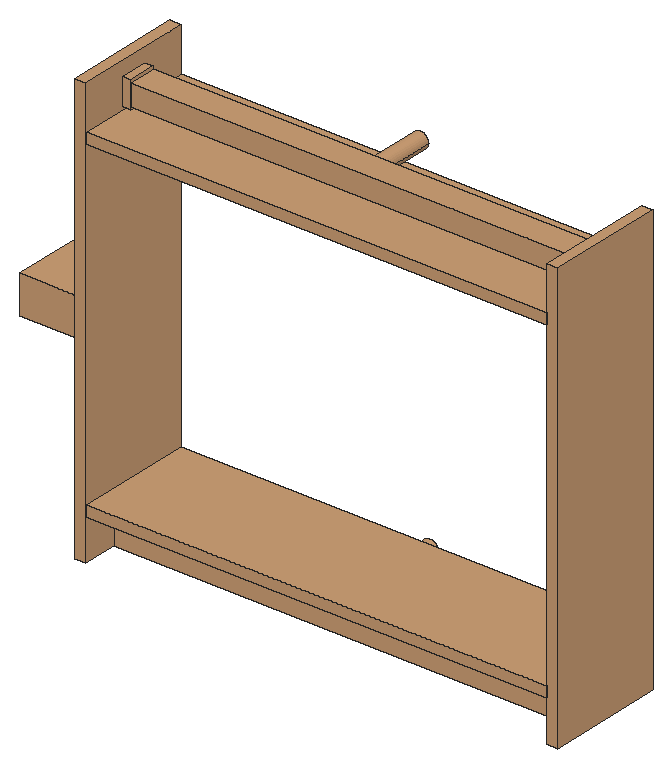
Revit family
Parameters
  Center Of Unit = 0' - 0"  # constant formula
  Water Pressure Drop [instance] = 0.00 psi
  Water Flow [instance] = 0 GPM
  Unit Weight (lbs) = 869
  URL = "http://www.ljwing.com/"
  Water Outlet Radius = 0' - 1 1/2"
  Water Outlet Odd sizes = 0' - 0"
  Total Heating Capacity [instance] = 0.0 Btu/h
  Temperature Rise [instance] = 0 °F
  Series = "VIFB"
  Outlet Area = 35.70 SF
  Number of Rows = 1  # constant formula
  Number of Coils [instance] = 0
  Nominal Length = 7' - 5 3/4"
  Model = "VD-8"
  Manufacturer = "LJ Wing"
  Leaving Water Temperature [instance] = 0 °F
  Leaving Air Temperature [instance] = 0 °F
  Face Velocity (FPM) [instance] = 0
  Entering Water Temperature [instance] = 0 °F
  Entering Air Temperature [instance] = 0 °F
  Description = "Vertical Integral Face & Bypass Water Heating Coils"
  Hot Water Odd Sizes = 0' - 0"
  Hot Water Inlet Offset = 0' - 4 3/8"  # constant formula
  Hot Water Inlet  Radius = 0' - 1 1/2"
  Coil Face Area = Outlet Area * 0.56  # 19.992 SF
  Casing Material = ""
  Assembly Code = "D3020300"
  Air Pressure Drop [instance] = 0.00 in-wg
  Air Inlet Width = Nominal Length - 0' 4"  # 7' - 1 3/4"
  Air Inlet Height = Y  # 5' - 0"
  Air Flow [instance] = 0 CFM
  Z = 0' - 2 1/8"
  Y = 5' - 0"
  S = 0' - 9 3/4"
  Product URL = "http://www.ljwing.com/html/vifb.asp"
  OmniClass = "23-75 70 21 14"
  Nominal Height = 6' - 8"
  Nominal Depth = 1' - 10"
  R = 0' - 10 1/4"
  Q = 0' - 2 7/8"
  P = 0' - 5 1/8"
  L = 0' - 5 15/16"
Reference planes (in)
  plane 1 "Center (Front/Back)": y = 0
  plane 2: z = -30
  plane 3 "Center (Left/Right)": x = 0
  plane 4: z = 40.25
  plane 5: x = -44.875
  plane 6: x = 44.875
  plane 7: z = -39.75
  plane 8: z = 0
  plane 9: y = -11
  plane 10: y = 11
  plane 11: z = 30
  plane 12: z = 32
  plane 13: z = -32
  plane 14: x = 42.875
  plane 15: x = -42.875
  plane 16: z = 35.125
  plane 17: z = -33.8125
  plane 18: x = -42
  plane 19: x = 42
  plane 20: y = 13.125
  plane 21: y = 15.375
  plane 22: x = -55.875
  plane 23: x = 0
  plane 24: x = 0
  plane 25: z = 37.125
  plane 26: z = 33.125
  plane 27: y = -2.5
  plane 28: y = 2.5
  plane 29: y = -4.5
Forms (in)
  Extrusion 1, solid, material "Painted Finish"
    sketch origin (0, 6, -9.75) x (1, 0, 0) y (0, 0, 1)
      loop
        line (-44.875, -30) -> (-42.875, -30) -> (-42.875, 50) -> (-44.875, 50) -> (-44.875, -30)
      loop
        line (44.875, -30) -> (44.875, 50) -> (42.875, 50) -> (42.875, -30) -> (44.875, -30)
    from -5 to 17
  Extrusion 2, solid, material "Painted Finish"
    sketch origin (0, 6, 0) x (1, 0, 0) y (0, 0, 1)
      loop
        line (42.875, -30) -> (-42.875, -30) -> (-42.875, -32) -> (42.875, -32) -> (42.875, -30)
      loop
        line (42.875, 30) -> (42.875, 32) -> (-42.875, 32) -> (-42.875, 30) -> (42.875, 30)
    from -5 to 17
  Extrusion 3, solid, material "Painted Finish"
    sketch origin (0, 10, -0.5) x (1, 0, 0) y (0, 0, 1)
      loop
        line (-44.875, 4) -> (-55.875, 4) -> (-55.875, -3) -> (-44.875, -3) -> (-44.875, 4)
    from 0 to 20
  Extrusion 4, solid, material "Painted Finish"
    sketch origin (0, 6, 0) x (1, 0, 0) y (0, 0, 1)
      loop
        line (-41.25, 37.125) -> (-41.25, 33.125) -> (41.25, 33.125) -> (41.25, 37.125) -> (-41.25, 37.125)
    from 3.5 to 8.5
  Extrusion 5, solid, material "Painted Finish"
    sketch origin (0, 0, 0) x (1, 0, 0) y (0, 0, 1)
      loop
        line (-41.25, 32.625) -> (-41.25, 37.625) -> (-42.875, 37.625) -> (-42.875, 32.625) -> (-41.25, 32.625)
      loop
        line (42.875, 32.625) -> (42.875, 37.625) -> (41.25, 37.625) -> (41.25, 32.625) -> (42.875, 32.625)
    from -2.5 to 2.5
  Extrusion 6, solid, material "Painted Finish"
    sketch origin (0, 23, 0) x (1, 0, 0) y (0, 0, 1)
      loop
        circle (0, 35.125) r 1.5
    from 9.875 to 20.5
  Extrusion 7, solid, material "Painted Finish"
    sketch origin (0, 6, 0) x (1, 0, 0) y (0, 0, 1)
      loop
        line (-42.875, -32) -> (-42.875, -39.75) -> (42.875, -39.75) -> (42.875, -32) -> (-42.875, -32)
    from -5 to 10.5
  Extrusion 8, solid, material "Painted Finish"
    sketch origin (0, 23, 0) x (1, 0, 0) y (0, 0, 1)
      loop
        circle (0, -33.8125) r 1.5
    from 7.625 to 12
  Extrusion 9, void
    sketch origin (0, 0, 0) x (1, 0, 0) y (0, 0, 1)
      loop
        line (-42.875, 30) -> (-42.875, -30) -> (42.875, -30) -> (42.875, 30) -> (-42.875, 30)
    from -11 to 11
Cuts and joins
  Extrusion 9 cuts Extrusion 1
  Extrusion 9 cuts Extrusion 2
Dimensions and locks (in)
  "Nominal Length": plane 6 to plane 5
  equal spacing: plane 6, plane 3 "Center (Left/Right)", plane 5
  "S": plane 2 to plane 7
  "Nominal Depth": plane 10 to plane 9
  equal spacing: plane 10, plane 1 "Center (Front/Back)", plane 9
  "Y": plane 11 to plane 2
  "R": plane 4 to plane 11
  locked: plane 12 to plane 11 at 2
  locked: plane 2 to plane 13 at 2
  "P": plane 4 to plane 16
  "L": plane 17 to plane 7
  "Q": plane 18 to plane 5
  "Q": plane 6 to plane 19
  "Z": plane 20 to plane 10
  "Hot Water Inlet Offset": plane 21 to plane 10
  locked: plane 5 to plane 22 at 11
  locked: Extrusion 3 sketch curve to Extrusion 3 sketch curve at 7
  locked: Extrusion 3 to Extrusion 3 at 20
  locked: plane 6 to plane 14 at 2
  locked: plane 15 to plane 5 at 2
  "Water Outlet Odd sizes": plane 23 to plane 3 "Center (Left/Right)"
  "Hot Water Odd Sizes": plane 3 "Center (Left/Right)" to plane 24
  equal spacing: plane 25, plane 16, plane 26
  locked: Extrusion 5 sketch curve to plane 25 at 0.5
  locked: plane 26 to Extrusion 5 sketch curve at 0.5
  locked: Extrusion 6 sketch curve to plane 16 at 0
  locked: Extrusion 6 sketch curve to plane 23 at 0
  locked: Extrusion 8 sketch curve to plane 17 at 0
  locked: Extrusion 8 sketch curve to plane 24 at 0
  locked: plane 25 to plane 26 at 4
  locked: plane 28 to plane 27 at 5
  equal spacing: plane 28, plane 1 "Center (Front/Back)", plane 27
  locked: plane 27 to plane 29 at 2
  plane 4 to plane 7 = 6' - 8"
  locked: Extrusion 5 sketch curve to Extrusion 1 at 1.625
  locked: Extrusion 5 sketch curve to Extrusion 5 sketch curve at 1.625
  locked: Extrusion 9 sketch curve to plane 11 at 0
  locked: Extrusion 9 sketch curve to plane 15 at 0
  locked: Extrusion 9 sketch curve to plane 14 at 0
  locked: Extrusion 9 sketch curve to plane 2 at 0
  equal spacing: plane 11, plane 8, plane 2
  "Water Outlet Radius": radius of Extrusion 6 sketch curve
  "Hot Water Inlet  Radius": radius of Extrusion 8 sketch curve
  aligned and locked: Extrusion 1 to plane 9
  aligned and locked: Extrusion 1 to plane 10
  aligned and locked: Extrusion 1 to plane 15
  aligned and locked: Extrusion 1 to plane 14
  aligned and locked: Extrusion 2 to plane 9
  aligned and locked: plane 9 to Extrusion 1
  aligned and locked: plane 10 to Extrusion 1  (x2)
  aligned and locked: Extrusion 2 to plane 10
  aligned and locked: plane 10 to Extrusion 2  (x2)
  aligned and locked: plane 9 to Extrusion 2  (x2)
  aligned and locked: plane 5 to Extrusion 3
  aligned and locked: Extrusion 5 sketch curve to plane 15
  aligned and locked: Extrusion 5 sketch curve to Extrusion 4
  aligned and locked: Extrusion 6 to plane 20
  aligned and locked: Extrusion 1 to Extrusion 7
  aligned and locked: Extrusion 8 to plane 10
  aligned and locked: plane 21 to Extrusion 8
  aligned and locked: plane 27 to Extrusion 5
  aligned and locked: Extrusion 5 to Extrusion 4  (x2)
  aligned and locked: Extrusion 5 to plane 28
  aligned and locked: Extrusion 6 to Extrusion 4
  aligned and locked: Extrusion 7 to plane 29  (x2)
  aligned and locked: Extrusion 8 to Extrusion 7
  aligned and locked: Extrusion 4 to Extrusion 5  (x2)
  aligned and locked: Extrusion 5 to Extrusion 1  (x2)
  aligned and locked: plane 2 to Extrusion 2
  aligned and locked: Extrusion 1 sketch curve to plane 6
  aligned and locked: Extrusion 1 sketch curve to plane 14
  aligned and locked: Extrusion 1 sketch curve to plane 15
  aligned and locked: Extrusion 1 sketch curve to plane 5
  aligned and locked: plane 7 to Extrusion 1 sketch curve  (x2)
  aligned and locked: Extrusion 1 sketch curve to plane 4  (x2)
  aligned and locked: Extrusion 2 sketch curve to plane 11
  aligned and locked: Extrusion 2 sketch curve to plane 12
  aligned and locked: Extrusion 2 sketch curve to plane 14  (x2)
  aligned and locked: Extrusion 2 sketch curve to plane 15  (x2)
  aligned and locked: Extrusion 2 sketch curve to plane 13
  aligned and locked: plane 2 to Extrusion 2 sketch curve
  aligned and locked: plane 13 to Extrusion 7 sketch curve
  aligned and locked: Extrusion 7 sketch curve to plane 7
  aligned and locked: Extrusion 7 sketch curve to plane 14
  aligned and locked: Extrusion 7 sketch curve to plane 15
  aligned and locked: cut or joined group of Extrusion 1, Extrusion 9 to plane 10
  aligned and locked: Extrusion 8 to plane 21
Automatic sketch dimensions
  Extrusion 3 sketch curve to plane 22 = 0' - 0"
  Extrusion 3 sketch curve to plane 5 = 0' - 0"
  plane 8 to Extrusion 3 sketch curve = 0' - 3 1/2"
  Extrusion 4 sketch curve to plane 25 = 0' - 0"
  Extrusion 4 sketch curve to plane 26 = 0' - 0"
  plane 18 to Extrusion 4 sketch curve = 0' - 0 3/4"
  Extrusion 4 sketch curve to plane 19 = 0' - 0 3/4"
  plane 26 to Extrusion 5 sketch curve = 0' - 0 1/2"
  Extrusion 5 sketch curve to plane 25 = 0' - 0 1/2"
Connectors (in)
  hvac at (0, -11, 0), driven by "Air Inlet Height", driven by "Air Inlet Width", driven by "Air Flow", driven by "Air Pressure Drop"
    settings: on Extrusion 9, index 1
  hvac at (0, 11, 0), driven by "Air Pressure Drop", driven by "Air Inlet Height", driven by "Air Inlet Width", driven by "Air Flow"
    settings: on Extrusion 9, index 2
  piping at (0, 13.125, 35.125), driven by "Water Flow", driven by "Water Outlet Radius", driven by "Water Pressure Drop"
    settings: on Extrusion 6, index 3
  piping at (0, 15.375, -33.8125), driven by "Water Flow", driven by "Water Pressure Drop", driven by "Hot Water Inlet  Radius"
    settings: on Extrusion 8, index 4
